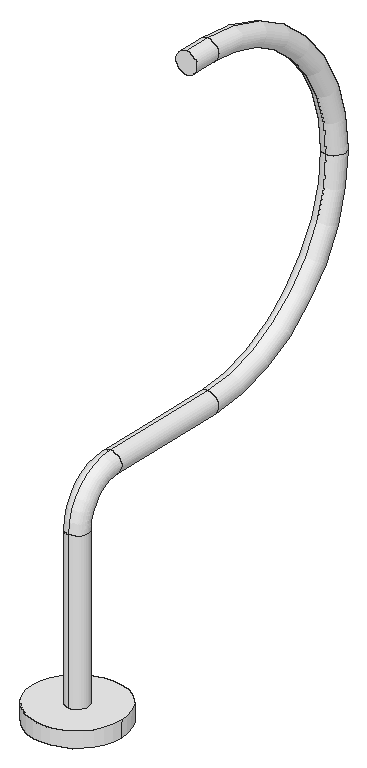
Revit family "Shower_Arm-DXV-Sheppards_Hook-D3570131X_Series", category Plumbing Fixtures, host Face, Revit 2014
Parameters (values of type "D35701312.100")
  Width = 2 1/8"  # constant formula
  Waste Connection = 1 > 2  # no
  Warranty Documentation Link = "https://www.dxv.com/-/media/files/dxv/warranty/dxv_warranty_booklet.ashx"
  WFU = 2  # constant formula
  Vent Connection = no
  URL = "https://www.dxv.com/"
  Type Comments = ""
  Tempered Water Connection Radius = 1/4"  # constant formula
  Tempered Water Connection Diameter = Tempered Water Connection Radius * 2  # 1/2"
  Product Page URL = "https://www.dxv.com/product/shepherd-hook-12-inch-shower-arm-by-dxv"
  Product Documentation Link = "https://dxv01.blob.core.windows.net/dxv-product-pdf-files/spec_D357013_DXV_Shwarm_Shepherd_EN.pdf"
  Price = "Prices may vary. Please consult Manufacturer Representative for most up-to-date price list."  # constant formula
  Model = "D35701312.100"
  Material = "Cast Brass-DXV-100-Polished Chrome"
  Manufacturer = "DXV"  # constant formula
  Length = 12 5/8"
  Installation Type = "Wall Mounted"  # constant formula
  Hot Water Connection Radius = 1/4"  # constant formula
  Hot Water Connection Diameter = Hot Water Connection Radius * 2  # 1/2"
  Height = 7 5/8"
  HWFU = 1.5  # constant formula
  HW Connection = yes
  Finish = Cast Brass-DXV-100-Polished Chrome
  End to Center = 5 1/8"
  Description = "Shepherd's Hook 12 Shower Arm"
  Default Elevation = 74 3/4"  # constant formula
  Creation Date = "13/2/2014"  # constant formula
  Cold Water Connection Radius = 1/4"  # constant formula
  Cold Water Connection Diameter = Cold Water Connection Radius * 2  # 1/2"
  Center to Spout End = 3 1/4"
  CWFU = 1.5  # constant formula
  CW Connection = yes
  Assembly Code = "D2010710"
Types (9): name | Product Page URL | Model | Material | Length | Height | Finish | End to Center | Description | Center to Spout End
  (no name) | "https://www.dxv.com/product/shepherd-hook-12-inch-shower-arm-by-dxv" | "D35701312.100" | "Cast Brass-DXV-100-Polished Chrome" | 12 5/8" | 7 5/8" | Cast Brass-DXV-100-Polished Chrome | 5 1/8" | "Shepherd's Hook 12 Shower Arm" | 3 1/4"
  D35701312.100 | "https://www.dxv.com/product/shepherd-hook-12-inch-shower-arm-by-dxv" | "D35701312.100" | "Cast Brass-DXV-100-Polished Chrome" | 12 5/8" | 7 5/8" | Cast Brass-DXV-100-Polished Chrome | 5 1/8" | "Shepherd's Hook 12 Shower Arm" | 3 1/4"
  D35701312.144 | "https://www.dxv.com/product/shepherd-hook-12-inch-shower-arm-by-dxv" | "D35701312.144" | "Cast Brass-DXV-144-Brushed Nickel" | 12 5/8" | 7 5/8" | Cast Brass-DXV-144-Brushed Nickel | 5 1/8" | "Shepherd's Hook 12 Shower Arm" | 3 1/4"
  D35701312.150 | "https://www.dxv.com/product/shepherd-hook-12-inch-shower-arm-by-dxv" | "D35701312.150" | "Cast Brass-DXV-150-Platinum Nickel" | 12 5/8" | 7 5/8" | Cast Brass-DXV-150-Platinum Nickel | 5 1/8" | "Shepherd's Hook 12 Shower Arm" | 3 1/4"
  D35701312.427 | "https://www.dxv.com/product/shepherd-hook-12-inch-shower-arm-by-dxv" | "D35701312.427" | "Cast Brass-DXV-427-Satin Brass" | 12 5/8" | 7 5/8" | Cast Brass-DXV-427-Satin Brass | 5 1/8" | "Shepherd's Hook 12 Shower Arm" | 3 1/4"
  D35701316.100 | "https://www.dxv.com/product/shepherd-hook-16-inch-shower-arm-by-dxv" | "D35701316.100" | "Cast Brass-DXV-100-Polished Chrome" | 16 5/8" | 9 5/8" | Cast Brass-DXV-100-Polished Chrome | 6 3/4" | "Shepherd's Hook 16 Shower Arm" | 4"
  D35701316.144 | "https://www.dxv.com/product/shepherd-hook-16-inch-shower-arm-by-dxv" | "D35701316.144" | "Cast Brass-DXV-144-Brushed Nickel" | 16 5/8" | 9 5/8" | Cast Brass-DXV-144-Brushed Nickel | 6 3/4" | "Shepherd's Hook 16 Shower Arm" | 4"
  D35701316.150 | "https://www.dxv.com/product/shepherd-hook-16-inch-shower-arm-by-dxv" | "D35701316.150" | "Cast Brass-DXV-150-Platinum Nickel" | 16 5/8" | 9 5/8" | Cast Brass-DXV-150-Platinum Nickel | 6 3/4" | "Shepherd's Hook 16 Shower Arm" | 4"
  D35701316.427 | "https://www.dxv.com/product/shepherd-hook-16-inch-shower-arm-by-dxv" | "D35701316.427" | "Cast Brass-DXV-427-Satin Brass" | 16 5/8" | 9 5/8" | Cast Brass-DXV-427-Satin Brass | 6 3/4" | "Shepherd's Hook 16 Shower Arm" | 4"
Reference planes (in)
  plane 1 "Center (Front/Back)": y = 0
  plane 2: z = 0
  plane 3 "Center (Left/Right)": x = 0
  plane 4: z = -0.0625
  plane 5: z = 12.5625
  plane 6: y = -1.0625
  plane 7: y = 1.0625
  plane 8: x = 1.0625
  plane 9: x = -1.0625
  plane 10: z = 0.375
  plane 11: y = 7.625
  plane 12: z = 5.0625
  plane 13: z = 8.8125
  plane 14: y = 3.25
  plane 15: y = -74.75
  plane 16: y = -0.75
Forms (in)
  Extrusion 1, solid, material "Cast Brass-DXV-100-Polished Chrome" <- "Finish"
    sketch origin (0, 0, 0) x (1, 0, 0) y (0, 1, 0)
      loop
        circle (0, 0) r 1.0625
    from 0 to 0.375
  Extrusion 2, solid, material "Cast Brass-DXV-100-Polished Chrome" <- "Finish", not visible
    sketch origin (0, 0, -0.0625) x (1, 0, 0) y (0, 1, 0)
      loop
        circle (0, 0) r 0.25
    from 0 to 0.0625
  Sweep 3, solid, material "Cast Brass-DXV-100-Polished Chrome" <- "Finish"
    path origin (0, 0, 0) x (0, 1, 0) y (0, 0, 1)
      loop
        line (0, 0.375) -> (0, 4.0625)
        arc (0, 4.0625) -> (0.29289, 4.76961) -> (1, 5.0625) r 1
        line (1, 5.0625) -> (3.875, 5.0625)
        arc (3.875, 5.0625) -> (6.52665, 6.16085) -> (7.625, 8.8125) r 3.75
        arc (7.625, 8.8125) -> (6.52665, 11.46415) -> (3.875, 12.5625) r 3.75
        line (3.875, 12.5625) -> (3.25, 12.5625)
    profile origin (0, 0, 2.21875) x (0, -1, 0) y (1, 0, 0)
      loop
        circle (0, 0) r 0.25
Lines and regions (in)
  Masking region 1
    outline origin (0, 0, 0) x (1, 0, 0) y (0, 0, 1)
      loop
        line (-1.0625, 0.375) -> (-1.0625, 0) -> (1.0625, 0) -> (1.0625, 0.375) -> (0.25133, 0.375) -> (0.25133, 12.5625)
        arc (0.25133, 12.5625) -> (0, 12.81383) -> (-0.25133, 12.5625) r 0.25133
        line (-0.25133, 12.5625) -> (-0.25133, 0.375) -> (-1.0625, 0.375)
  symbolic lines, style "PlumbingFixtures", detail levels medium+fine
    curve 1: line (-0.25133, 0, 0.375) -> (0.25133, 0, 0.375)
  symbolic lines, style "PlumbingFixtures", detail levels fine
    curve 2: arc (-0.25133, 0, 5.0625) -> (0, 0, 5.31383) -> (0.25133, 0, 5.0625) r 0.25133
Dimensions and locks (in)
  locked: plane 7 to plane 6 at 2.125
  locked: plane 9 to plane 8 at 2.125
  plane 10 to plane 4 = 7/16"
  "Height": plane 11 to plane 1 "Center (Front/Back)"
  equal spacing: plane 5, plane 13, plane 12
  "Length": plane 5 to plane 4
  "End to Center": plane 12 to plane 4
  "Center to Spout End": plane 14 to plane 1 "Center (Front/Back)"
  plane 15 to plane 1 "Center (Front/Back)" = 74 3/4"
  aligned and locked: plane 2 to host face
  aligned and locked: level to host face
  aligned and locked: plane 5 to Sweep 3 sketch curve  (x2)
  aligned and locked: plane 12 to Sweep 3 sketch curve  (x2)
  aligned and locked: plane 1 "Center (Front/Back)" to Sweep 3 sketch curve  (x2)
  aligned and locked: plane 13 to Sweep 3 sketch curve
  aligned and locked: plane 11 to Sweep 3 sketch curve
  aligned and locked: plane 14 to Sweep 3 sketch curve
Automatic sketch dimensions
  curve 2 to plane 12 = 0"
  curve 1 to plane 10 = 0"
  curve 2 to plane 3 "Center (Left/Right)" = 0"
  curve 1 to plane 3 "Center (Left/Right)" = 0.25133"
  curve 2 to curve 2 = 0.25133"
  plane 3 "Center (Left/Right)" to curve 1 = 0.25133"
  host sketch curve to host sketch curve = 96"  (x2)
  plane 1 "Center (Front/Back)" to Extrusion 1 sketch curve = 0"
  Extrusion 1 sketch curve to plane 3 "Center (Left/Right)" = 0"
  plane 1 "Center (Front/Back)" to Extrusion 2 sketch curve = 0"
  Extrusion 2 sketch curve to plane 3 "Center (Left/Right)" = 0"
  Masking region 1 sketch curve to level = 0"
  plane 9 to Masking region 1 sketch curve = 0"
  Masking region 1 sketch curve to plane 5 = 0"
  Masking region 1 sketch curve to plane 10 = 0"  (x2)
  Masking region 1 sketch curve to plane 3 "Center (Left/Right)" = 0"
  Masking region 1 sketch curve to plane 8 = 0"
  Masking region 1 sketch curve to plane 3 "Center (Left/Right)" = 0.25133"
  Sweep 3 sketch curve to plane 10 = 0"
  Sweep 3 sketch curve to plane 7 = 1/16"
  Sweep 3 sketch curve to plane 3 "Center (Left/Right)" = 0"
  Sweep 3 sketch curve to profile plane = 0"
  radius of Extrusion 1 sketch curve = 1 1/16"
  radius of Extrusion 2 sketch curve = 1/4"
  radius of Sweep 3 sketch curve = 1/4"
Connectors (in)
  piping at (0, 0, -0.0625), diameter 0.5, driven by "HWFU", driven by "Tempered Water Connection Diameter"
    settings: on Extrusion 2, index 1, connector inside diameter 1/2", connector length 0", flow factor 0, pipe flow 0 GPM, pressure drop 0.00 psi, fitting loss kfactor 0, connector angle 0.00°, fixture units 1.5, engagement length 0", angle of deflection 0.00°, flow configuration 3, flow direction 1, fitting loss method 0, system type 29, joint type 0, gender type 0, connector reference index -1, connector utility 0, adjustable connector no, is connector primary yes, connector description "1/2\" NPT Supply Inlet"
